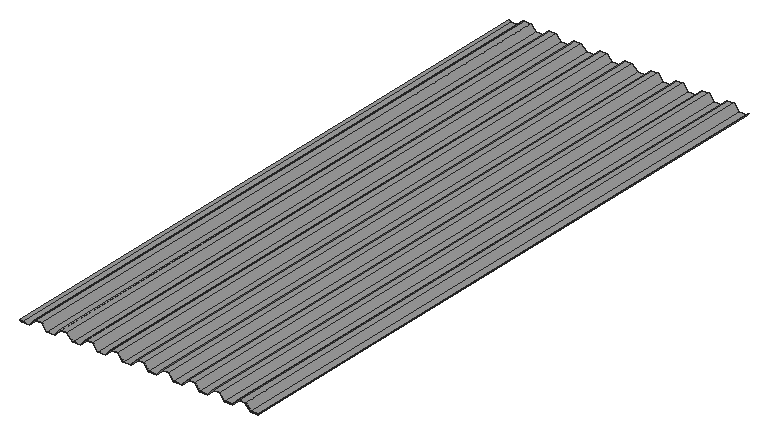
Revit family "StructuralRoofDeck_NewMillennium_1-0", category Generic Models, Revit 2026
Family settings
  Can host rebar = No
  Round Connector Dimension = Use Diameter
  Part Type = Normal
  Classification Number = 23.25.30.27.14.14
  Work Plane-Based = No
  Always vertical = Yes
  Cut with Voids When Loaded = No
  Maintain Annotation Orientation = No
  Shared = No
  Room Calculation Point = No
Parameters
  URL = "https://www.newmill.com/"
  Test Data = "https://www.newmill.com/tables/load-tables.html"
  Specification = "http://www.arcat.com/sdspecs/htm/05312mil.htm"
  Show Detail [instance] = not(Cut Width < Cover Width)  # yes
  Sales Information = "https://www.newmill.com/contact/request-quote.html"
  Revision = "R0_10-2017"
  Product Data = "http://www.arcat.com/arcatcos/cos9535/arc35565.html"
  Panel Material = Steel as Specified
  Overall Length = 8' - 0"
  Overall Depth = 0' - 1"
  Model = "Roof Deck - 1.0 "
  Manufacturer Website = "https://www.newmill.com/"
  Manufacturer Phone - Toll Free = ""
  Manufacturer Phone = "260-969-3500"
  Manufacturer Fax = "260-868-6002"
  Manufacturer Address = "7575 W. Jefferson Ave., Fort Wayne, IN 46804"
  Manufacturer = "New Millennium Building Systems"
  Keynote = "05 31 00"
  Installation-Fabrication = "https://www.newmill.com/bim-design-tools/tools/tools-terms.html?tool=https://www.newmill.com/bim-design-tools/tools/steel-decking-tools.html"
  Green Building-LEED = "http://www.arcat.com/green/clients95/leed_data_35565.html"
  Drawn By = "Sumex Design / Robert S. Weygant"
  Description = "New Millennium Building Systems Roof Deck - 1.0 "
  Default Elevation = 0' - 0"
  Cut Width [instance] = 3' - 0.84272"
  Cut Length [instance] = 8' - 0"
  Cover Width = 3' - 0"
  Copyright = "2017, ARCAT, Inc."
  Construction Details = "https://www.newmill.com/bim-design-tools/tools/tools-terms.html?tool=https://www.newmill.com/bim-design-tools/bim-design-overview.html"
  Category = ""
  Building Codes = "https://www.newmill.com/certifications/certifications.html"
  Assembly Code = "B1020260"
Reference planes (in)
  plane 1 "Center (Front/Back)": y = 0
  plane 2: z = 0
  plane 3 "Center (Left/Right)": x = 0
  plane 4: y = 96
  plane 5: y = 96
  plane 6: x = 36
  plane 7: x = 36.84272
  plane 8: x = 36.84272
  plane 9: x = 37.59272
  plane 10: z = 1
Forms (in)
  Sweep 1, solid, material "Steel as Specified" <- "Panel Material"
    path in 3D
      loop
        line (0, 0, 0) -> (0, 96, 0)
    profile "RoofDeck_1-0 : RoofDeck_1-0" origin (0, 48, 0) x (-1, 0, 0) y (0, 0, 1)
      loop
        line (-16.61719, 0.0625) -> (-17.4375, 1) -> (-18.5625, 1) -> (-19.38281, 0.0625) -> (-20.61719, 0.0625) -> (-21.4375, 1) -> (-22.5625, 1) -> (-23.38281, 0.0625) -> (-24.61719, 0.0625) -> (-25.4375, 1) -> (-26.5625, 1) -> (-27.38281, 0.0625) -> (-28.61719, 0.0625) -> (-29.4375, 1) -> (-30.5625, 1) -> (-31.38281, 0.0625) -> (-32.61719, 0.0625) -> (-33.4375, 1) -> (-34.5625, 1) -> (-35.38281, 0.0625) -> (-36.5625, 0.0625) -> (-36.78125, 0.3125) -> (-36.82554, 0.26821) -> (-36.59086, 0) -> (-35.35445, 0) -> (-34.53414, 0.9375) -> (-33.46586, 0.9375) -> (-32.64555, 0) -> (-31.35445, 0) -> (-30.53414, 0.9375) -> (-29.46586, 0.9375) -> (-28.64555, 0) -> (-27.35445, 0) -> (-26.53414, 0.9375) -> (-25.46586, 0.9375) -> (-24.64555, 0) -> (-23.35445, 0) -> (-22.53414, 0.9375) -> (-21.46586, 0.9375) -> (-20.64555, 0) -> (-19.35445, 0) -> (-18.53414, 0.9375) -> (-17.46586, 0.9375) -> (-16.64555, 0) -> (-15.35445, 0) -> (-14.53414, 0.9375) -> (-13.46586, 0.9375) -> (-12.64555, 0) -> (-11.35445, 0) -> (-10.53414, 0.9375) -> (-9.46586, 0.9375) -> (-8.64555, 0) -> (-7.35445, 0) -> (-6.53414, 0.9375) -> (-5.46586, 0.9375) -> (-4.64555, 0) -> (-3.35445, 0) -> (-2.53414, 0.9375) -> (-1.46586, 0.9375) -> (-0.64555, 0) -> (0.59086, 0) -> (0.82554, 0.26821) -> (0.78125, 0.3125) -> (0.5625, 0.0625) -> (-0.61719, 0.0625) -> (-1.4375, 1) -> (-2.5625, 1) -> (-3.38281, 0.0625) -> (-4.61719, 0.0625) -> (-5.4375, 1) -> (-6.5625, 1) -> (-7.38281, 0.0625) -> (-8.61719, 0.0625) -> (-9.4375, 1) -> (-10.5625, 1) -> (-11.38281, 0.0625) -> (-12.61719, 0.0625) -> (-13.4375, 1) -> (-14.5625, 1) -> (-15.38281, 0.0625) -> (-16.61719, 0.0625)
  Extrusion 2, void
    sketch origin (0, 0, 0) x (1, 0, 0) y (0, 0, 1)
      loop
        line (36.84272, 1) -> (36.84272, 0) -> (37.59272, 0) -> (37.59272, 1) -> (36.84272, 1)
    from 0 to -96
Cuts and joins
  Extrusion 2 cuts Sweep 1
Lines and regions (in)
  reference lines
    curve 1: line (0, 0, 0) -> (0, 96, 0)
  sketch lines
    curve 2: line (0, 0, 0) -> (0, 96, 0)
Dimensions and locks (in)
  "Overall Length": plane 1 "Center (Front/Back)" to plane 4
  "Cut Length": plane 5 to plane 1 "Center (Front/Back)"
  "Cover Width": plane 3 "Center (Left/Right)" to plane 6
  "Cut Width": plane 3 "Center (Left/Right)" to plane 7
  locked: plane 6 to plane 8 at 0.84272
  locked: plane 8 to plane 9 at 0.75
  "Overall Depth": plane 10 to level
  aligned and locked: plane 2 to level
  aligned and locked: plane 10 to Extrusion 2 sketch curve
  aligned and locked: level to Extrusion 2 sketch curve
  aligned and locked: Extrusion 2 sketch curve to plane 9
  aligned and locked: plane 7 to Extrusion 2 sketch curve
  aligned and locked: plane 4 to Extrusion 2
  aligned and locked: plane 1 "Center (Front/Back)" to Extrusion 2
Automatic sketch dimensions
  curve 1 to plane 3 "Center (Left/Right)" = 0' - 0"
  plane 1 "Center (Front/Back)" to curve 1 = 0' - 0"
  curve 1 to plane 5 = 0' - 0"
